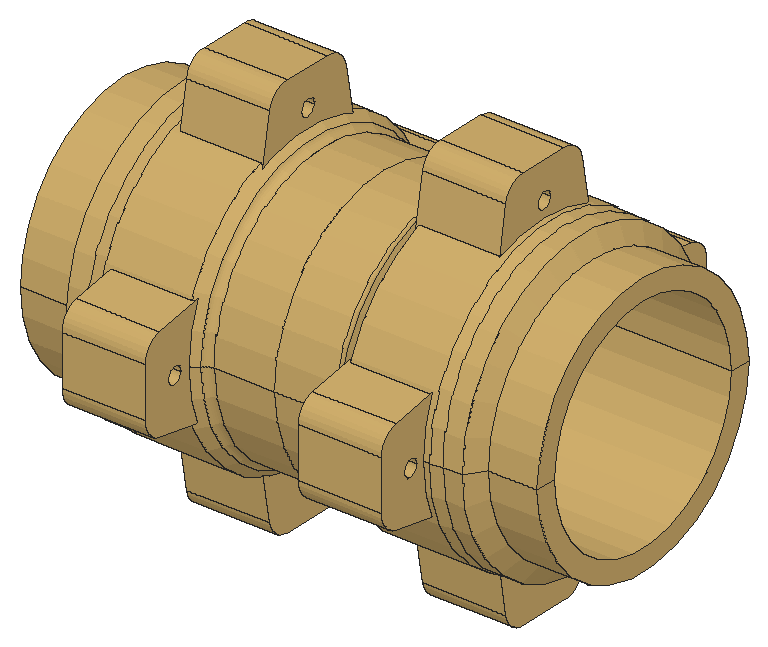
Revit family "zhh", category Pipe Fittings, Revit 2018
Family settings
  Round Connector Dimension = Use Diameter
  Part Type = Union
  OmniClass Number = 23.27.43.00
  Work Plane-Based = No
  Always vertical = Yes
  Cut with Voids When Loaded = No
  Shared = No
Parameters (values of type "90040-80-110-168")
  UnionLength [instance] = if(D = 110 mm, 84 mm, 62.5 mm)  # 62.5 mm
  URL = "https://www.aignep.com/"
  Tick Size [instance] = 0.4 * Nominal Diameter  # 32 mm
  QR code = "https://www.bimobject.com/aignep/product/straight-connector-90040-80-110-168"
  Product url = "https://www.aignep.com/eng/Pipe-fittings-INFINITY/Air-Pipeline-INFINITY-Series/STRAIGHT-CONNECTOR2"
  Product name = "Straight Connector - 90040"
  Product group = "Fittings"
  Product family = "INFINITY"
  Product data url = "https://www.bimobject.com/aignep/product/straight-connector-90040-80-110-168"
  Product certification = "https://www.aignep.com/eng/Certificazioni/FREE-OF-SILICON"
  Product SKU = "Straight-Connector-90040-80-110-168"
  Product Material = AIGNEP - Brass - Yellow
  Product Guid = "01e2f542-b60e-4d76-9161-7fff736c6c40"
  OmniClass Description = "Pipe Fittings"
  OmniClass Code = "23-27 43 00"
  Nominal Diameter [instance] = 80 mm
  Model = "90040-80-110-168"
  Material main = "Aluminium"
  Manufacturer name = "Aignep Spa"
  Manufacturer country = "Italy"
  Manufacturer = "Aignep Spa"
  Lookup Table Name = "Adaptor - 90040 - 80-110-168"
  L [instance] = size_lookup(Lookup Table Name, "L", 0 mm, Nominal Diameter)  # 186 mm
  Keynote = "15410"
  IFC Classification = "Pipe Fitting"
  FlangeC [instance] = if(D = 110 mm, 30 mm, 22 mm)  # 22 mm
  FlangeB [instance] = if(D = 110 mm, 15 mm, 11 mm)  # 11 mm
  FlangeA [instance] = if(D = 110 mm, 15 mm, 11 mm)  # 11 mm
  Edition number = 1
  E [instance] = size_lookup(Lookup Table Name, "E", 0 mm, Nominal Diameter)  # 145 mm
  Design country = "Italy"
  Description = "Straight Connector"
  D80-110 [instance] = not(D168)  # yes
  D168 [instance] = and(D = 168 mm)  # no
  D [instance] = size_lookup(Lookup Table Name, "D", 0 mm, Nominal Diameter)  # 80 mm
  CH1 [instance] = size_lookup(Lookup Table Name, "CH1", 0 mm, Nominal Diameter)  # 6 mm
  C [instance] = size_lookup(Lookup Table Name, "C", 0 mm, Nominal Diameter)  # 3.5 mm
  BoltHDistance [instance] = if(D = 110 mm, 115 mm, 85 mm)  # 85 mm
  BoltDistance [instance] = if(D = 110 mm, 70 mm, 44 mm)  # 44 mm
  BIMobject category = "Joints"
  B [instance] = size_lookup(Lookup Table Name, "B", 0 mm, Nominal Diameter)  # 91 mm
  Assembly Code = "D2040100"
  Article Code [instance] = size_lookup(Lookup Table Name, "", "", Nominal Diameter)  # "90040 00 007"
Reference planes
  plane 1 "Center (Front/Back)": y = 0
  plane 2: z = 0
  plane 3 "Center (Left/Right)": x = 0
  plane 4: x = -93
  plane 5: x = 93
  plane 6: x = 2
  plane 7: x = -1.5
  plane 8: y = 72.5
  plane 9: y = -72.5
  plane 10: y = 47.448
  plane 11: y = -47.391
  plane 12: y = -40
  plane 13: y = 40
  plane 14: x = -75.25
  plane 15: x = -64.25
  plane 16: x = -53.25
  plane 17: x = -31.25
  plane 18: x = 75.25
  plane 19: x = 64.25
  plane 20: x = 53.25
  plane 21: x = 31.25
  plane 22: x = -42.5
  plane 23: x = 42.5
Forms (mm)
  Revolve 1, solid, material "AIGNEP - Brass - Yellow" <- "Product Material", visible <- "D80-110", detail levels fine
    sketch origin (0, 0, 0) x (1, 0, 0) y (0, 1, 0)
      loop
        line (-75.25, 47.448) -> (-93, 47.448) -> (-93, 0) -> (-42.511, 0) -> (-23.605, 0) -> (0, 0) -> (93, 0) -> (93, 47.448) -> (75.25, 47.448) -> (71.303, 54.018) -> (64.25, 54.018) -> (59.941, 54.543) -> (28.593, 54.543) -> (24.693, 51.646)
        arc (24.693, 51.646) -> (23.382, 50.183) -> (21.492, 49.646) r 3.529
        line (21.492, 49.646) -> (0, 49.646) -> (-21.492, 49.646)
        arc (-21.492, 49.646) -> (-23.382, 50.183) -> (-24.693, 51.646) r 3.529
        line (-24.693, 51.646) -> (-28.593, 54.543) -> (-59.941, 54.543) -> (-64.25, 54.018) -> (-71.303, 54.018) -> (-75.25, 47.448)
      axis (93, 0) -> (-93, 0)
    angle from 0 to 360
  Revolve 2, void
    sketch origin (0, 0, 0) x (1, 0, 0) y (0, 1, 0)
      loop
        line (-93, 40) -> (-93, 0) -> (-1.5, 0) -> (-1.5, 40) -> (-93, 40)
      loop
        line (2, 40) -> (2, 0) -> (93, 0) -> (93, 40) -> (2, 40)
      axis (93, 0) -> (-93, 0)
    angle from 0 to 360
  Sweep 3, solid, material "AIGNEP - Brass - Yellow" <- "Product Material", visible <- "D80-110", detail levels fine
    path origin (0, 0, 0) x (1, 0, 0) y (0, 1, 0)
      loop
        line (-57.5, 0) -> (-27.5, 0)
    profile origin (-42.5, 0, 0) x (0, 1, 0) y (0, 0, 1)
      loop
        line (20.995, 44) -> (17.044, 66.41)
        arc (17.044, 66.41) -> (14.255, 71.145) -> (9.043, 72.888) r 7.846
        line (9.043, 72.888) -> (0, 72.888) -> (-9.043, 72.888)
        arc (-9.043, 72.888) -> (-14.255, 71.145) -> (-17.044, 66.41) r 7.846
        line (-17.044, 66.41) -> (-20.995, 44) -> (20.995, 44)
      loop
        circle (0, 60) r 3
      loop
        line (20.995, -44) -> (-20.995, -44) -> (-17.044, -66.41)
        arc (-17.044, -66.41) -> (-14.255, -71.145) -> (-9.043, -72.888) r 7.846
        line (-9.043, -72.888) -> (0, -72.888) -> (9.043, -72.888)
        arc (9.043, -72.888) -> (14.255, -71.145) -> (17.044, -66.41) r 7.846
        line (17.044, -66.41) -> (20.995, -44)
      loop
        circle (0, -60.085) r 3
      loop
        line (-44, -20.995) -> (-44, 20.995) -> (-66.41, 17.044)
        arc (-66.41, 17.044) -> (-71.145, 14.255) -> (-72.888, 9.043) r 7.846
        line (-72.888, 9.043) -> (-72.888, 0) -> (-72.888, -9.043)
        arc (-72.888, -9.043) -> (-71.145, -14.255) -> (-66.41, -17.044) r 7.846
        line (-66.41, -17.044) -> (-44, -20.995)
      loop
        circle (-59.883, 0) r 3
      loop
        line (44, -20.995) -> (66.41, -17.044)
        arc (66.41, -17.044) -> (71.145, -14.255) -> (72.888, -9.043) r 7.846
        line (72.888, -9.043) -> (72.888, 0) -> (72.888, 9.043)
        arc (72.888, 9.043) -> (71.145, 14.255) -> (66.41, 17.044) r 7.846
        line (66.41, 17.044) -> (44, 20.995) -> (44, -20.995)
      loop
        circle (60.085, 0) r 3
  Sweep 4, solid, material "AIGNEP - Brass - Yellow" <- "Product Material", visible <- "D80-110", detail levels fine
    path origin (0, 0, 0) x (-1, 0, 0) y (0, 1, 0)
      loop
        line (-57.5, 0) -> (-27.5, 0)
    profile origin (42.5, 0, 0) x (0, -1, 0) y (0, 0, 1)
      loop
        line (-20.995, 44) -> (20.995, 44) -> (17.044, 66.41)
        arc (17.044, 66.41) -> (14.255, 71.145) -> (9.043, 72.888) r 7.846
        line (9.043, 72.888) -> (0, 72.888) -> (-9.043, 72.888)
        arc (-9.043, 72.888) -> (-14.255, 71.145) -> (-17.044, 66.41) r 7.846
        line (-17.044, 66.41) -> (-20.995, 44)
      loop
        circle (0, 60) r 3
      loop
        line (-20.995, -44) -> (-17.044, -66.41)
        arc (-17.044, -66.41) -> (-14.255, -71.145) -> (-9.043, -72.888) r 7.846
        line (-9.043, -72.888) -> (0, -72.888) -> (9.043, -72.888)
        arc (9.043, -72.888) -> (14.255, -71.145) -> (17.044, -66.41) r 7.846
        line (17.044, -66.41) -> (20.995, -44) -> (-20.995, -44)
      loop
        circle (0, -60) r 3
      loop
        line (44, -20.995) -> (66.41, -17.044)
        arc (66.41, -17.044) -> (71.145, -14.255) -> (72.888, -9.043) r 7.846
        line (72.888, -9.043) -> (72.888, 0) -> (72.888, 9.043)
        arc (72.888, 9.043) -> (71.145, 14.255) -> (66.41, 17.044) r 7.846
        line (66.41, 17.044) -> (44, 20.995) -> (44, -20.995)
      loop
        circle (60, 0) r 3
      loop
        line (-44, -20.995) -> (-44, 20.995) -> (-66.41, 17.044)
        arc (-66.41, 17.044) -> (-71.145, 14.255) -> (-72.888, 9.043) r 7.846
        line (-72.888, 9.043) -> (-72.888, 0) -> (-72.888, -9.043)
        arc (-72.888, -9.043) -> (-71.145, -14.255) -> (-66.41, -17.044) r 7.846
        line (-66.41, -17.044) -> (-44, -20.995)
      loop
        circle (-60, 0) r 3
  Revolve 5, solid, material "AIGNEP - Brass - Yellow" <- "Product Material", visible <- "D168", detail levels fine
    sketch origin (0, 0, 0) x (1, 0, 0) y (0, 1, 0)
      loop
        line (-160.142, 57.106) -> (-196.5, 57.106) -> (-196.5, 0) -> (196.5, 0) -> (196.5, 57.106) -> (160.142, 57.106)
        arc (160.142, 57.106) -> (154.554, 58.603) -> (150.463, 62.694) r 11.177
        arc (150.463, 62.694) -> (146.339, 67.991) -> (139.771, 69.375) r 9.767
        arc (139.771, 69.375) -> (134.61, 70.138) -> (130.708, 73.602) r 9.133
        line (130.708, 73.602) -> (119.195, 55.667) -> (57.3, 55.667) -> (37.661, 55.23)
        arc (37.661, 55.23) -> (30.904, 48.354) -> (21.492, 46.268) r 16.971
        line (21.492, 46.268) -> (-0.762, 46.268) -> (-21.492, 46.268)
        arc (-21.492, 46.268) -> (-30.904, 48.354) -> (-37.661, 55.23) r 16.971
        line (-37.661, 55.23) -> (-57.3, 55.667) -> (-119.195, 55.667) -> (-130.708, 73.602)
        arc (-130.708, 73.602) -> (-134.61, 70.138) -> (-139.771, 69.375) r 9.133
        arc (-139.771, 69.375) -> (-146.339, 67.991) -> (-150.463, 62.694) r 9.767
        arc (-150.463, 62.694) -> (-154.554, 58.603) -> (-160.142, 57.106) r 11.177
      axis (196.5, 0) -> (-196.5, 0)
    angle from 0 to 360
  Sweep 6, solid, material "AIGNEP - Brass - Yellow" <- "Product Material", visible <- "D168", detail levels fine
    path origin (0, 0, 0) x (1, 0, 0) y (0, 1, 0)
      loop
        line (-117.5, 0) -> (-67.5, 0)
    profile origin (-92.5, 0, 0) x (0, 1, 0) y (0, 0, 1)
      loop
        line (93.126, 99.342) -> (92.405, 120.002)
        arc (92.405, 120.002) -> (91.648, 122.827) -> (89.73, 125.033) r 6.499
        line (89.73, 125.033) -> (61.84, 141.135)
        arc (61.84, 141.135) -> (58.97, 141.693) -> (56.146, 140.936) r 6.499
        line (56.146, 140.936) -> (37.893, 131.231) -> (30.23, 127.157) -> (93.429, 90.669) -> (93.126, 99.342)
      loop
        circle (71.221, 123.412) r 3
      loop
        line (-93.126, 99.342) -> (-93.429, 90.669) -> (-30.23, 127.157) -> (-37.893, 131.231) -> (-56.146, 140.936)
        arc (-56.146, 140.936) -> (-58.97, 141.693) -> (-61.84, 141.135) r 6.499
        line (-61.84, 141.135) -> (-89.73, 125.033)
        arc (-89.73, 125.033) -> (-91.648, 122.827) -> (-92.405, 120.002) r 6.499
        line (-92.405, 120.002) -> (-93.126, 99.342)
      loop
        line (93.126, -99.342) -> (93.429, -90.669) -> (30.23, -127.157) -> (37.893, -131.231) -> (56.146, -140.936)
        arc (56.146, -140.936) -> (58.97, -141.693) -> (61.84, -141.135) r 6.499
        line (61.84, -141.135) -> (89.73, -125.033)
        arc (89.73, -125.033) -> (91.648, -122.827) -> (92.405, -120.002) r 6.499
        line (92.405, -120.002) -> (93.126, -99.342)
      loop
        line (-93.126, -99.342) -> (-92.405, -120.002)
        arc (-92.405, -120.002) -> (-91.648, -122.827) -> (-89.73, -125.033) r 6.499
        line (-89.73, -125.033) -> (-61.84, -141.135)
        arc (-61.84, -141.135) -> (-58.97, -141.693) -> (-56.146, -140.936) r 6.499
        line (-56.146, -140.936) -> (-37.893, -131.231) -> (-30.23, -127.157) -> (-93.429, -90.669) -> (-93.126, -99.342)
      loop
        line (-132.449, 31.889) -> (-149.981, 20.934)
        arc (-149.981, 20.934) -> (-152.048, 18.866) -> (-153, 16.102) r 6.499
        line (-153, 16.102) -> (-153, -16.102)
        arc (-153, -16.102) -> (-152.048, -18.866) -> (-149.981, -20.934) r 6.499
        line (-149.981, -20.934) -> (-132.449, -31.889) -> (-125.089, -36.488) -> (-125.089, 36.488) -> (-132.449, 31.889)
      loop
        line (132.449, 31.889) -> (125.089, 36.488) -> (125.089, -36.488) -> (132.449, -31.889) -> (149.981, -20.934)
        arc (149.981, -20.934) -> (152.048, -18.866) -> (153, -16.102) r 6.499
        line (153, -16.102) -> (153, 16.102)
        arc (153, 16.102) -> (152.048, 18.866) -> (149.981, 20.934) r 6.499
        line (149.981, 20.934) -> (132.449, 31.889)
      loop
        circle (-71.221, 123.412) r 3
      loop
        circle (71.221, -123.412) r 3
      loop
        circle (-71.221, -123.412) r 3
      loop
        circle (143.622, 0) r 3
      loop
        circle (-143.622, 0) r 3
  Sweep 7, solid, material "AIGNEP - Brass - Yellow" <- "Product Material", visible <- "D168", detail levels fine
    path origin (0, 0, 0) x (-1, 0, 0) y (0, 1, 0)
      loop
        line (-117.5, 0) -> (-67.5, 0)
    profile origin (92.5, 0, 0) x (0, -1, 0) y (0, 0, 1)
      loop
        line (-93.126, 99.342) -> (-93.429, 90.669) -> (-30.23, 127.157) -> (-37.893, 131.231) -> (-56.146, 140.936)
        arc (-56.146, 140.936) -> (-58.97, 141.693) -> (-61.84, 141.135) r 6.499
        line (-61.84, 141.135) -> (-89.73, 125.033)
        arc (-89.73, 125.033) -> (-91.648, 122.827) -> (-92.405, 120.002) r 6.499
        line (-92.405, 120.002) -> (-93.126, 99.342)
      loop
        circle (-71.221, 123.412) r 3
      loop
        line (93.126, 99.342) -> (92.405, 120.002)
        arc (92.405, 120.002) -> (91.648, 122.827) -> (89.73, 125.033) r 6.499
        line (89.73, 125.033) -> (61.84, 141.135)
        arc (61.84, 141.135) -> (58.97, 141.693) -> (56.146, 140.936) r 6.499
        line (56.146, 140.936) -> (37.893, 131.231) -> (30.23, 127.157) -> (93.429, 90.669) -> (93.126, 99.342)
      loop
        line (-93.126, -99.342) -> (-92.405, -120.002)
        arc (-92.405, -120.002) -> (-91.648, -122.827) -> (-89.73, -125.033) r 6.499
        line (-89.73, -125.033) -> (-61.84, -141.135)
        arc (-61.84, -141.135) -> (-58.97, -141.693) -> (-56.146, -140.936) r 6.499
        line (-56.146, -140.936) -> (-37.893, -131.231) -> (-30.23, -127.157) -> (-93.429, -90.669) -> (-93.126, -99.342)
      loop
        line (93.126, -99.342) -> (93.429, -90.669) -> (30.23, -127.157) -> (37.893, -131.231) -> (56.146, -140.936)
        arc (56.146, -140.936) -> (58.97, -141.693) -> (61.84, -141.135) r 6.499
        line (61.84, -141.135) -> (89.73, -125.033)
        arc (89.73, -125.033) -> (91.648, -122.827) -> (92.405, -120.002) r 6.499
        line (92.405, -120.002) -> (93.126, -99.342)
      loop
        line (132.449, 31.889) -> (125.089, 36.488) -> (125.089, -36.488) -> (132.449, -31.889) -> (149.981, -20.934)
        arc (149.981, -20.934) -> (152.048, -18.866) -> (153, -16.102) r 6.499
        line (153, -16.102) -> (153, 16.102)
        arc (153, 16.102) -> (152.048, 18.866) -> (149.981, 20.934) r 6.499
        line (149.981, 20.934) -> (132.449, 31.889)
      loop
        line (-132.449, 31.889) -> (-149.981, 20.934)
        arc (-149.981, 20.934) -> (-152.048, 18.866) -> (-153, 16.102) r 6.499
        line (-153, 16.102) -> (-153, -16.102)
        arc (-153, -16.102) -> (-152.048, -18.866) -> (-149.981, -20.934) r 6.499
        line (-149.981, -20.934) -> (-132.449, -31.889) -> (-125.089, -36.488) -> (-125.089, 36.488) -> (-132.449, 31.889)
      loop
        circle (71.221, 123.412) r 3
      loop
        circle (-71.221, -123.412) r 3
      loop
        circle (71.221, -123.412) r 3
      loop
        circle (-143.622, 0) r 3
      loop
        circle (143.622, 0) r 3
  Extrusion 8, solid, material "AIGNEP - Brass - Yellow" <- "Product Material", not visible, detail levels fine
    sketch origin (-1.5, 40.534, 1200) x (0, -1, 0) y (0, 0, 1)
      loop
        circle (40.534, -1200) r 5
    from 0 to -3.5
Cuts and joins
  Revolve 2 cuts Revolve 1
  Revolve 2 cuts Revolve 5
Lines and regions (mm)
  model lines, detail levels coarse+medium
    curve 1: line (-1.5, 0, 0) -> (2, 0, 0)
    curve 2: line (-1.5, 16, 0) -> (-1.5, -16, 0)
    curve 3: line (2, 16, 0) -> (2, -16, 0)
Dimensions and locks
  equal spacing: plane 4, plane 3 "Center (Left/Right)", plane 5
  "L": plane 4 to plane 5
  "B": plane 6 to plane 5
  "C": plane 7 to plane 6
  equal spacing: plane 8, plane 1 "Center (Front/Back)", plane 9
  "E": plane 8 to plane 9
  Revolve 1 sketch curve to Revolve 1 sketch curve to Revolve 1 sketch curve to Revolve 1 sketch curve to Revolve 1 sketch curve to Revolve 1 sketch curve to Revolve 1 sketch curve to Revolve 1 sketch curve to plane 10 = 0 mm locked, 0 mm locked, 0 mm locked, 2.371 mm locked, 0 mm locked, 2 mm locked, 0 mm locked, 2.198 mm locked
  equal spacing: plane 12, plane 1 "Center (Front/Back)", plane 13
  "D": plane 12 to plane 13
  locked: plane 13 to plane 10 at 7.448
  locked: plane 12 to plane 11 at 7.391
  "FlangeA": plane 14 to plane 15
  "FlangeB": plane 15 to plane 16
  "FlangeC": plane 16 to plane 17
  "FlangeC": plane 21 to plane 20
  "FlangeB": plane 20 to plane 19
  "FlangeA": plane 19 to plane 18
  "UnionLength": plane 17 to plane 21
  equal spacing: plane 17, plane 3 "Center (Left/Right)", plane 21
  locked: Revolve 1 sketch curve to plane 16 at 6.691
  locked: plane 17 to Revolve 1 sketch curve at 2.657
  locked: plane 20 to Revolve 1 sketch curve at 6.691
  locked: Revolve 1 sketch curve to plane 21 at 2.657
  locked: plane 8 to Revolve 1 sketch curve at 17.957  (x2)
  Sweep 3 sketch curve to Sweep 3 sketch curve to Sweep 3 sketch curve to Sweep 3 sketch curve = 22.41 mm locked, 0 mm locked, 6.479 mm locked  (x4)
  "BoltDistance": Sweep 3 sketch curve to level
  "BoltDistance": plane 1 "Center (Front/Back)" to Sweep 3 sketch curve
  "BoltDistance": level to Sweep 3 sketch curve
  "BoltDistance": Sweep 3 sketch curve to plane 1 "Center (Front/Back)"
  equal spacing: plane 22, plane 3 "Center (Left/Right)", plane 23
  "BoltHDistance": plane 22 to plane 23
  Sweep 3 sketch curve to plane 22 to Sweep 3 sketch curve = 15 mm locked, 15 mm locked
  Sweep 4 sketch curve to Sweep 4 sketch curve to Sweep 4 sketch curve to Sweep 4 sketch curve = 22.41 mm locked, 0 mm locked, 6.479 mm locked  (x2)
  Sweep 4 sketch curve to Sweep 4 sketch curve to Sweep 4 sketch curve to Sweep 4 sketch curve = 6.479 mm, 0 mm locked, 22.41 mm  (x2)
  Sweep 4 sketch curve to plane 23 to Sweep 4 sketch curve = 15 mm locked, 15 mm locked
  locked: Sweep 3 sketch curve to Sweep 3 sketch curve at 16.085  (x2)
  locked: Sweep 3 sketch curve to Sweep 3 sketch curve at 15.883
  locked: Sweep 3 sketch curve to Sweep 3 sketch curve at 16
  locked: Sweep 4 sketch curve to Sweep 4 sketch curve at 16  (x4)
  "BoltDistance": Sweep 4 sketch curve to level
  "BoltDistance": level to Sweep 4 sketch curve
  "BoltDistance": Sweep 4 sketch curve to plane 1 "Center (Front/Back)"
  "BoltDistance": plane 1 "Center (Front/Back)" to Sweep 4 sketch curve
  Revolve 5 sketch curve to Revolve 5 sketch curve to Revolve 5 sketch curve to Revolve 5 sketch curve to Revolve 5 sketch curve to Revolve 5 sketch curve to Revolve 5 sketch curve to Revolve 5 sketch curve to Revolve 5 sketch curve to plane 3 "Center (Left/Right)" to Revolve 5 sketch curve to Revolve 5 sketch curve to Revolve 5 sketch curve to Revolve 5 sketch curve to Revolve 5 sketch curve to Revolve 5 sketch curve to Revolve 5 sketch curve to Revolve 5 sketch curve to Revolve 5 sketch curve = 36.358 mm locked, 9.679 mm locked, 10.692 mm locked, 9.063 mm locked, 11.513 mm locked, 61.895 mm locked, 19.639 mm, 16.169 mm locked, 21.492 mm locked, 21.492 mm locked, 16.169 mm locked, 19.639 mm locked, 61.895 mm locked, 11.513 mm, 9.063 mm locked, 10.692 mm locked, 9.679 mm locked, 36.358 mm locked
  equal spacing: curve 2, plane 1 "Center (Front/Back)", curve 2
  "Tick Size": curve 2 to curve 2
  equal spacing: curve 3, plane 1 "Center (Front/Back)", curve 3
  "Tick Size": curve 3 to curve 3
  "CH1": diameter of Sweep 3 sketch curve  (x4)
  "CH1": diameter of Sweep 4 sketch curve  (x4)
  "CH1": diameter of Sweep 6 sketch curve  (x6)
  "CH1": diameter of Sweep 7 sketch curve  (x6)
  aligned and locked: level to plane 2
  aligned and locked: plane 4 to Revolve 1 sketch curve
  aligned and locked: Revolve 1 sketch curve to plane 5
  aligned and locked: Revolve 1 sketch curve to plane 10
  aligned and locked: plane 10 to Revolve 1 sketch curve
  aligned and locked: plane 14 to Revolve 1 sketch curve
  aligned and locked: plane 15 to Revolve 1 sketch curve
  aligned and locked: plane 19 to Revolve 1 sketch curve
  aligned and locked: plane 18 to Revolve 1 sketch curve
  aligned and locked: Revolve 2 sketch curve to plane 1 "Center (Front/Back)"
  aligned and locked: plane 13 to Revolve 2 sketch curve  (x2)
  aligned and locked: plane 7 to Revolve 2 sketch curve
  aligned and locked: Revolve 2 sketch curve to plane 4
  aligned and locked: plane 5 to Revolve 2 sketch curve
  aligned and locked: plane 6 to Revolve 2 sketch curve
  aligned and locked: plane 1 "Center (Front/Back)" to Revolve 2 sketch curve
  aligned and locked: plane 1 "Center (Front/Back)" to Sweep 3 sketch curve  (x3)
  aligned and locked: level to Sweep 3 sketch curve  (x2)
  aligned and locked: plane 1 "Center (Front/Back)" to Sweep 4 sketch curve  (x2)
  aligned and locked: level to Sweep 4 sketch curve  (x2)
  aligned and locked: plane 7 to Extrusion 8
  aligned and locked: Extrusion 8 to plane 6
  aligned and locked: plane 7 to curve 1
  aligned and locked: plane 6 to curve 1
  aligned and locked: plane 1 "Center (Front/Back)" to curve 1
  aligned and locked: plane 7 to curve 2
  aligned and locked: plane 6 to curve 3
Automatic sketch dimensions
  plane 1 "Center (Front/Back)" to Revolve 2 sketch curve = 0 mm
  Revolve 2 sketch curve to plane 4 = 0 mm
  Revolve 2 sketch curve to Revolve 2 sketch curve = 20 mm
  plane 1 "Center (Front/Back)" to Sweep 4 sketch curve = 0 mm
  plane 1 "Center (Front/Back)" to Revolve 5 sketch curve = 0 mm  (x2)
  Revolve 5 sketch curve to Revolve 5 sketch curve = 9.3 mm
  Revolve 5 sketch curve to Revolve 5 sketch curve = 7.761 mm  (x2)
  Revolve 5 sketch curve to Revolve 5 sketch curve = 1.184 mm
  Revolve 5 sketch curve to plane 7 = 0.738 mm
  Revolve 5 sketch curve to Revolve 5 sketch curve = 14.985 mm
  Revolve 5 sketch curve to Revolve 5 sketch curve = 1.392 mm
  Revolve 5 sketch curve to plane 10 = 1.18 mm
  plane 10 to Revolve 5 sketch curve = 7.782 mm  (x2)
  plane 10 to Revolve 5 sketch curve = 9.658 mm  (x2)
  plane 10 to Revolve 5 sketch curve = 12.26 mm  (x2)
  Revolve 5 sketch curve to Revolve 5 sketch curve = 11.177 mm  (x2)
  Revolve 5 sketch curve to Revolve 5 sketch curve = 13.894 mm  (x2)
  Revolve 5 sketch curve to plane 8 = 16.833 mm  (x2)
  Revolve 5 sketch curve to plane 4 = 15 mm
  Revolve 5 sketch curve to Revolve 5 sketch curve = 40 mm
  plane 1 "Center (Front/Back)" to Sweep 6 sketch curve = 0 mm
  plane 22 to Sweep 6 sketch curve = 75 mm
  plane 22 to Sweep 6 sketch curve = 25 mm
  plane 1 "Center (Front/Back)" to Sweep 7 sketch curve = 0 mm
  Sweep 7 sketch curve to plane 23 = 75 mm
  Sweep 7 sketch curve to plane 23 = 25 mm
  Extrusion 8 sketch curve to level = 0 mm
  Extrusion 8 sketch curve to plane 1 "Center (Front/Back)" = 0 mm
  plane 1 "Center (Front/Back)" to Revolve 1 sketch curve = 0 mm  (x2)
  Revolve 1 sketch curve to plane 4 = 0 mm
  Revolve 1 sketch curve to plane 3 "Center (Left/Right)" = 0 mm  (x2)
  plane 14 to Revolve 1 sketch curve = 3.947 mm
  plane 22 to Revolve 1 sketch curve = 0.011 mm
  Revolve 1 sketch curve to Revolve 1 sketch curve = 3.9 mm
  plane 17 to Revolve 1 sketch curve = 7.645 mm
  Revolve 1 sketch curve to Revolve 1 sketch curve = 3.18 mm  (x2)
  Revolve 1 sketch curve to Revolve 1 sketch curve = 0.02 mm  (x2)
  Revolve 1 sketch curve to Revolve 1 sketch curve = 7.101 mm
  plane 18 to Revolve 1 sketch curve = 3.947 mm
  Revolve 1 sketch curve to Revolve 1 sketch curve = 20 mm
  Sweep 3 sketch curve to profile plane = 0 mm  (x2)
  Sweep 3 sketch curve to level = 0 mm  (x2)
  Sweep 3 sketch curve to Sweep 3 sketch curve = 1.362 mm
  Sweep 3 sketch curve to Sweep 3 sketch curve = 7.841 mm  (x3)
  profile plane to Sweep 3 sketch curve = 20.995 mm  (x2)
  profile plane to Sweep 3 sketch curve = 17.044 mm  (x2)
  Sweep 3 sketch curve to Sweep 3 sketch curve = 7.727 mm  (x6)
  Sweep 3 sketch curve to Sweep 3 sketch curve = 0.274 mm  (x6)
  Sweep 3 sketch curve to profile plane = 9.043 mm  (x2)
  Sweep 3 sketch curve to profile plane = 20.995 mm  (x2)
  Sweep 3 sketch curve to level = 20.995 mm  (x2)
  Sweep 3 sketch curve to level = 17.044 mm  (x2)
  level to Sweep 3 sketch curve = 9.043 mm  (x2)
  level to Sweep 3 sketch curve = 20.995 mm  (x2)
  Sweep 4 sketch curve to profile plane = 0 mm  (x2)
  Sweep 4 sketch curve to level = 0 mm  (x2)
  Sweep 4 sketch curve to Sweep 4 sketch curve = 1.362 mm  (x2)
  Sweep 4 sketch curve to Sweep 4 sketch curve = 7.841 mm  (x2)
  profile plane to Sweep 4 sketch curve = 20.995 mm  (x2)
  profile plane to Sweep 4 sketch curve = 17.044 mm  (x2)
  Sweep 4 sketch curve to Sweep 4 sketch curve = 7.727 mm  (x6)
  Sweep 4 sketch curve to Sweep 4 sketch curve = 0.274 mm  (x6)
  Sweep 4 sketch curve to profile plane = 9.043 mm  (x2)
  Sweep 4 sketch curve to profile plane = 20.995 mm  (x2)
  Sweep 4 sketch curve to level = 20.995 mm  (x2)
  Sweep 4 sketch curve to level = 17.044 mm  (x2)
  level to Sweep 4 sketch curve = 9.043 mm  (x2)
  level to Sweep 4 sketch curve = 20.995 mm  (x2)
  Sweep 6 sketch curve to level = 0 mm  (x2)
  level to Sweep 6 sketch curve = 16.102 mm
  profile plane to Sweep 6 sketch curve = 153 mm
  Sweep 6 sketch curve to level = 20.934 mm  (x2)
  Sweep 6 sketch curve to Sweep 6 sketch curve = 3.019 mm  (x3)
  level to Sweep 6 sketch curve = 20.934 mm  (x2)
  Sweep 6 sketch curve to Sweep 6 sketch curve = 6.463 mm  (x2)
  Sweep 6 sketch curve to Sweep 6 sketch curve = 2.915 mm  (x3)
  level to Sweep 6 sketch curve = 31.889 mm  (x2)
  Sweep 6 sketch curve to Sweep 6 sketch curve = 17.531 mm  (x2)
  Sweep 6 sketch curve to level = 31.889 mm  (x2)
  Sweep 6 sketch curve to level = 36.488 mm
  Sweep 6 sketch curve to Sweep 6 sketch curve = 7.36 mm  (x3)
  Sweep 6 sketch curve to Sweep 6 sketch curve = 31.66 mm  (x3)
  Sweep 6 sketch curve to Sweep 6 sketch curve = 0.303 mm  (x4)
  Sweep 6 sketch curve to Sweep 6 sketch curve = 0.721 mm  (x4)
  Sweep 6 sketch curve to Sweep 6 sketch curve = 2.675 mm  (x4)
  Sweep 6 sketch curve to Sweep 6 sketch curve = 3.82 mm  (x4)
  Sweep 6 sketch curve to Sweep 6 sketch curve = 14.689 mm  (x4)
  Sweep 6 sketch curve to Sweep 6 sketch curve = 9.381 mm  (x2)
  Sweep 6 sketch curve to Sweep 6 sketch curve = 2.643 mm  (x2)
  Sweep 6 sketch curve to Sweep 6 sketch curve = 5.694 mm  (x4)
  Sweep 6 sketch curve to Sweep 6 sketch curve = 18.253 mm  (x4)
  Sweep 6 sketch curve to Sweep 6 sketch curve = 7.663 mm  (x4)
  Sweep 6 sketch curve to profile plane = 30.23 mm  (x2)
  Sweep 6 sketch curve to Sweep 6 sketch curve = 3.051 mm  (x2)
  Sweep 6 sketch curve to Sweep 6 sketch curve = 12.024 mm  (x2)
  Sweep 6 sketch curve to Sweep 6 sketch curve = 11.172 mm
  Sweep 6 sketch curve to Sweep 6 sketch curve = 3.444 mm  (x2)
  Sweep 6 sketch curve to Sweep 6 sketch curve = 4.599 mm  (x3)
  Sweep 6 sketch curve to Sweep 6 sketch curve = 54.181 mm  (x4)
  Sweep 6 sketch curve to Sweep 6 sketch curve = 8.673 mm  (x4)
  Sweep 6 sketch curve to Sweep 6 sketch curve = 20.433 mm  (x4)
  Sweep 6 sketch curve to Sweep 6 sketch curve = 0.227 mm  (x4)
  Sweep 6 sketch curve to Sweep 6 sketch curve = 3.636 mm  (x4)
  Sweep 6 sketch curve to Sweep 6 sketch curve = 3.745 mm  (x4)
  Sweep 6 sketch curve to Sweep 6 sketch curve = 4.074 mm  (x4)
  Sweep 6 sketch curve to Sweep 6 sketch curve = 11.786 mm  (x4)
  Sweep 6 sketch curve to Sweep 6 sketch curve = 5.738 mm  (x4)
  Sweep 6 sketch curve to Sweep 6 sketch curve = 4.832 mm  (x2)
  Sweep 6 sketch curve to Sweep 6 sketch curve = 5.511 mm
  Sweep 7 sketch curve to level = 0 mm  (x2)
  Sweep 7 sketch curve to level = 16.102 mm
  profile plane to Sweep 7 sketch curve = 153 mm
  Sweep 7 sketch curve to level = 20.934 mm  (x2)
  Sweep 7 sketch curve to Sweep 7 sketch curve = 3.019 mm  (x3)
  level to Sweep 7 sketch curve = 20.934 mm  (x2)
  Sweep 7 sketch curve to Sweep 7 sketch curve = 3.444 mm  (x4)
  Sweep 7 sketch curve to Sweep 7 sketch curve = 2.915 mm  (x3)
  Sweep 7 sketch curve to level = 31.889 mm  (x2)
  Sweep 7 sketch curve to Sweep 7 sketch curve = 17.531 mm  (x2)
  level to Sweep 7 sketch curve = 31.889 mm  (x2)
  level to Sweep 7 sketch curve = 36.488 mm
  Sweep 7 sketch curve to Sweep 7 sketch curve = 7.36 mm  (x3)
  Sweep 7 sketch curve to Sweep 7 sketch curve = 31.66 mm  (x3)
  Sweep 7 sketch curve to Sweep 7 sketch curve = 0.303 mm  (x4)
  Sweep 7 sketch curve to Sweep 7 sketch curve = 0.721 mm  (x4)
  Sweep 7 sketch curve to Sweep 7 sketch curve = 2.675 mm  (x4)
  Sweep 7 sketch curve to Sweep 7 sketch curve = 6.495 mm  (x2)
  Sweep 7 sketch curve to Sweep 7 sketch curve = 14.689 mm  (x4)
  Sweep 7 sketch curve to Sweep 7 sketch curve = 9.381 mm  (x2)
  Sweep 7 sketch curve to Sweep 7 sketch curve = 2.643 mm  (x2)
  Sweep 7 sketch curve to Sweep 7 sketch curve = 5.694 mm  (x4)
  Sweep 7 sketch curve to Sweep 7 sketch curve = 18.253 mm  (x4)
  Sweep 7 sketch curve to Sweep 7 sketch curve = 7.663 mm  (x4)
  Sweep 7 sketch curve to profile plane = 30.23 mm  (x2)
  Sweep 7 sketch curve to Sweep 7 sketch curve = 3.051 mm  (x2)
  Sweep 7 sketch curve to Sweep 7 sketch curve = 12.024 mm  (x2)
  Sweep 7 sketch curve to Sweep 7 sketch curve = 3.82 mm  (x2)
  Sweep 7 sketch curve to Sweep 7 sketch curve = 11.172 mm
  Sweep 7 sketch curve to Sweep 7 sketch curve = 4.599 mm  (x3)
  Sweep 7 sketch curve to Sweep 7 sketch curve = 54.181 mm  (x4)
  Sweep 7 sketch curve to Sweep 7 sketch curve = 8.673 mm  (x4)
  Sweep 7 sketch curve to Sweep 7 sketch curve = 20.433 mm  (x4)
  Sweep 7 sketch curve to Sweep 7 sketch curve = 0.227 mm  (x4)
  Sweep 7 sketch curve to Sweep 7 sketch curve = 3.636 mm  (x4)
  Sweep 7 sketch curve to Sweep 7 sketch curve = 3.745 mm  (x4)
  Sweep 7 sketch curve to Sweep 7 sketch curve = 4.074 mm  (x4)
  Sweep 7 sketch curve to Sweep 7 sketch curve = 11.786 mm  (x4)
  Sweep 7 sketch curve to Sweep 7 sketch curve = 5.738 mm  (x4)
  Sweep 7 sketch curve to Sweep 7 sketch curve = 4.832 mm
  Sweep 7 sketch curve to Sweep 7 sketch curve = 5.511 mm  (x2)
  radius of Extrusion 8 sketch curve = 5 mm
Connectors
  piping at (-1.5, 0, 0), diameter 80, driven by "Nominal Diameter"
    settings: on Extrusion 8, index 1, connector inside diameter 609.6 mm, connector length 0 mm, flow factor 0, pipe flow 0.0 L/s, pressure drop 0.0 Pa, fitting loss kfactor 0, connector angle 0.00°, fixture units 0, engagement length 0 mm, angle of deflection 0.00°, flow configuration 0, flow direction 0, fitting loss method 0, system type 28, joint type 0, gender type 0, connector reference index 2, connector utility 0, adjustable connector no, is connector primary yes, connector description ""
  piping at (2, 0, 0), diameter 80, driven by "Nominal Diameter"
    settings: on Extrusion 8, index 2, connector inside diameter 609.6 mm, connector length 0 mm, flow factor 0, pipe flow 0.0 L/s, pressure drop 0.0 Pa, fitting loss kfactor 0, connector angle 0.00°, fixture units 0, engagement length 0 mm, angle of deflection 0.00°, flow configuration 0, flow direction 0, fitting loss method 0, system type 28, joint type 0, gender type 0, connector reference index 1, connector utility 0, adjustable connector no, is connector primary no, connector description ""
